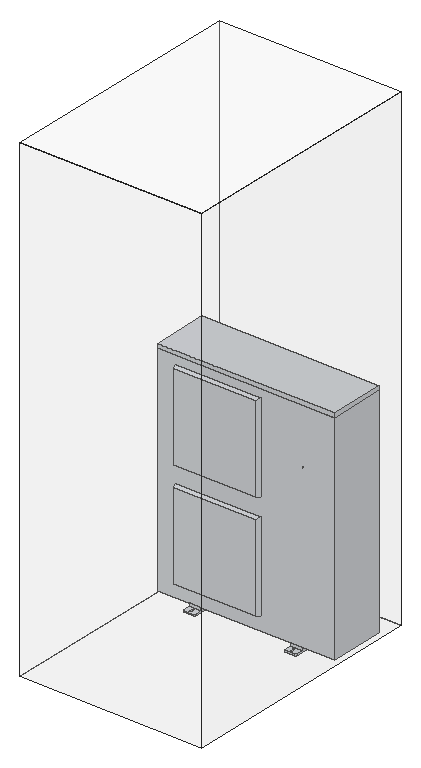
Revit family "pusy-fp80_280smh2_60hz", category 機械設備, Revit 2019 (continued)
Definition of nested family "PUZ-ZRMP-3"
  Dimensions and locks
    aligned and locked: Blend 4 sketch curve to plane 41
    aligned and locked: Blend 4 sketch curve to plane 40
    aligned and locked: Blend 4 sketch curve to plane 46
    aligned and locked: Blend 4 sketch curve to plane 44
    aligned and locked: Blend 4 sketch curve to plane 45
    aligned and locked: Blend 4 sketch curve to plane 47
    aligned and locked: Blend 4 to plane 8
    aligned and locked: plane 37 to Blend 4
    aligned and locked: curve 17 to plane 48
    aligned and locked: curve 1 to plane 48
    aligned and locked: plane 48 to curve 19
    aligned and locked: curve 18 to plane 49
    aligned and locked: plane 49 to curve 2
    aligned and locked: plane 49 to curve 20
    aligned and locked: Blend 5 sketch curve to plane 63
    aligned and locked: Blend 5 sketch curve to plane 64
    aligned and locked: Blend 5 sketch curve to plane 41
    aligned and locked: Blend 5 sketch curve to plane 40
    aligned and locked: plane 44 to Blend 5 sketch curve
    aligned and locked: Blend 5 sketch curve to plane 45
    aligned and locked: Blend 5 sketch curve to plane 65
    aligned and locked: plane 66 to Blend 5 sketch curve
    aligned and locked: Blend 5 to plane 8
    aligned and locked: plane 37 to Blend 5
    aligned and locked: plane 22 to Extrusion 6 sketch curve
    aligned and locked: plane 21 to Extrusion 6 sketch curve
    aligned and locked: Extrusion 6 sketch curve to Extrusion 1  (x4)
    aligned and locked: Extrusion 6 sketch curve to plane 20
    aligned and locked: plane 23 to Extrusion 6
    aligned and locked: Extrusion 6 to level
    aligned and locked: plane 24 to Extrusion 7
    aligned and locked: Extrusion 7 to plane 25
    aligned and locked: Masking region 1 sketch curve to Extrusion 3  (x4)
    aligned and locked: Masking region 1 sketch curve to cut or joined group of Extrusion 1, Extrusion 6  (x8)
    aligned and locked: Masking region 1 sketch curve to Blend 5  (x3)
    aligned and locked: plane 50 to Extrusion 7 sketch curve
    aligned and locked: plane 51 to Extrusion 7 sketch curve
    aligned and locked: plane 68 to Extrusion 7 sketch curve
    aligned and locked: plane 69 to Extrusion 7 sketch curve
    aligned and locked: plane 70 to Extrusion 7 sketch curve
    aligned and locked: plane 71 to Extrusion 7 sketch curve
    aligned and locked: plane 67 to Extrusion 7 sketch curve  (x4)
  Automatic sketch dimensions
    plane 7 to Extrusion 1 sketch curve = 0 mm  (x2)
    Extrusion 1 sketch curve to plane 18 = 0 mm
    plane 8 to Extrusion 1 sketch curve = 0 mm  (x2)
    Extrusion 1 sketch curve to plane 19 = 0 mm
    Extrusion 1 sketch curve to plane 20 = 0 mm
    Extrusion 1 sketch curve to plane 21 = 0 mm
    curve 187 to curve 188 = 40 mm
    curve 186 to curve 190 = 13.333 mm
    curve 190 to curve 190 = 40 mm
    curve 186 to curve 193 = 0 mm
    curve 186 to curve 188 = 40 mm
    curve 188 to curve 191 = 0 mm
    curve 179 to curve 180 = 40 mm
    curve 178 to curve 182 = 120 mm
    curve 182 to curve 182 = 40 mm
    curve 178 to curve 185 = 0 mm
    curve 178 to curve 180 = 40 mm
    curve 182 to curve 183 = 40 mm
    curve 25 to plane 44 = 0 mm
    curve 24 to plane 44 = 0 mm
    curve 22 to plane 44 = 0 mm
    curve 23 to plane 44 = 0 mm
    curve 26 to plane 44 = 0 mm
    curve 21 to plane 44 = 0 mm
    curve 24 to plane 45 = 0 mm
    curve 25 to plane 45 = 0 mm
    curve 26 to plane 45 = 0 mm
    curve 23 to plane 45 = 0 mm
    curve 22 to plane 45 = 0 mm
    curve 21 to plane 45 = 0 mm
    curve 37 to plane 47 = 0 mm
    curve 52 to plane 47 = 0 mm
    curve 51 to plane 47 = 0 mm
    curve 50 to plane 47 = 0 mm
    curve 49 to plane 47 = 0 mm
    curve 48 to plane 47 = 0 mm
    curve 47 to plane 47 = 0 mm
    curve 46 to plane 47 = 0 mm
    curve 45 to plane 47 = 0 mm
    curve 44 to plane 47 = 0 mm
    curve 43 to plane 47 = 0 mm
    curve 42 to plane 47 = 0 mm
    curve 41 to plane 47 = 0 mm
    curve 27 to plane 47 = 0 mm
    curve 28 to plane 47 = 0 mm
    curve 40 to plane 47 = 0 mm
    curve 39 to plane 47 = 0 mm
    curve 29 to plane 47 = 0 mm
    curve 38 to plane 47 = 0 mm
    curve 30 to plane 47 = 0 mm
    curve 53 to plane 47 = 0 mm
    curve 31 to plane 47 = 0 mm
    curve 36 to plane 47 = 0 mm
    curve 32 to plane 47 = 0 mm
    curve 35 to plane 47 = 0 mm
    curve 33 to plane 47 = 0 mm
    curve 34 to plane 47 = 0 mm
    curve 28 to plane 46 = 0 mm
    curve 41 to plane 46 = 0 mm
    curve 27 to plane 46 = 0 mm
    curve 42 to plane 46 = 0 mm
    curve 31 to plane 46 = 0 mm
    curve 40 to plane 46 = 0 mm
    curve 37 to plane 46 = 0 mm
    curve 39 to plane 46 = 0 mm
    curve 32 to plane 46 = 0 mm
    curve 45 to plane 46 = 0 mm
    curve 36 to plane 46 = 0 mm
    curve 46 to plane 46 = 0 mm
    curve 43 to plane 46 = 0 mm
    curve 47 to plane 46 = 0 mm
    curve 29 to plane 46 = 0 mm
    curve 48 to plane 46 = 0 mm
    curve 30 to plane 46 = 0 mm
    curve 49 to plane 46 = 0 mm
    curve 44 to plane 46 = 0 mm
    curve 50 to plane 46 = 0 mm
    curve 33 to plane 46 = 0 mm
    curve 51 to plane 46 = 0 mm
    curve 35 to plane 46 = 0 mm
    curve 52 to plane 46 = 0 mm
    curve 38 to plane 46 = 0 mm
    curve 53 to plane 46 = 0 mm
    curve 34 to plane 46 = 0 mm
    plane 13 to curve 304 = 138 mm
    curve 304 to plane 45 = 0 mm
    curve 307 to plane 44 = 0 mm
    curve 306 to plane 44 = 0 mm
    curve 303 to plane 44 = 0 mm
    curve 308 to plane 44 = 0 mm
    curve 303 to plane 45 = 0 mm
    curve 306 to plane 45 = 0 mm
    curve 307 to plane 45 = 0 mm
    curve 308 to plane 45 = 0 mm
    curve 309 to plane 44 = 0 mm
    curve 309 to plane 45 = 0 mm
    curve 305 to plane 66 = 0 mm
    curve 305 to plane 65 = 0 mm
    curve 310 to plane 66 = 0 mm
    curve 310 to plane 65 = 0 mm
    curve 311 to plane 65 = 0 mm
    curve 311 to plane 66 = 0 mm
    curve 312 to plane 66 = 0 mm
    curve 312 to plane 65 = 0 mm
    curve 313 to plane 66 = 0 mm
    curve 313 to plane 65 = 0 mm
    curve 314 to plane 65 = 0 mm
    curve 314 to plane 66 = 0 mm
    curve 315 to plane 66 = 0 mm
    curve 315 to plane 65 = 0 mm
    curve 316 to plane 65 = 0 mm
    curve 316 to plane 66 = 0 mm
    curve 317 to plane 66 = 0 mm
    curve 317 to plane 65 = 0 mm
    curve 318 to plane 66 = 0 mm
    curve 318 to plane 65 = 0 mm
    curve 319 to plane 66 = 0 mm
    curve 319 to plane 65 = 0 mm
    curve 320 to plane 66 = 0 mm
    curve 320 to plane 65 = 0 mm
    curve 321 to plane 66 = 0 mm
    curve 321 to plane 65 = 0 mm
    curve 322 to plane 65 = 0 mm
    curve 322 to plane 66 = 0 mm
    curve 323 to plane 65 = 0 mm
    curve 323 to plane 66 = 0 mm
    curve 324 to plane 65 = 0 mm
    curve 324 to plane 66 = 0 mm
    curve 325 to plane 66 = 0 mm
    curve 325 to plane 65 = 0 mm
    curve 326 to plane 66 = 0 mm
    curve 326 to plane 65 = 0 mm
    curve 327 to plane 66 = 0 mm
    curve 327 to plane 65 = 0 mm
    curve 328 to plane 66 = 0 mm
    curve 328 to plane 65 = 0 mm
    curve 329 to plane 66 = 0 mm
    curve 329 to plane 65 = 0 mm
    curve 330 to plane 66 = 0 mm
    curve 330 to plane 65 = 0 mm
    curve 331 to plane 66 = 0 mm
    curve 331 to plane 65 = 0 mm
    curve 332 to plane 65 = 0 mm
    curve 332 to plane 66 = 0 mm
    curve 333 to plane 66 = 0 mm
    curve 333 to plane 65 = 0 mm
    curve 334 to plane 65 = 0 mm
    curve 334 to plane 66 = 0 mm
    curve 335 to plane 66 = 0 mm
    curve 335 to plane 65 = 0 mm
    Extrusion 6 sketch curve to plane 18 = 0 mm  (x2)
    plane 8 to Extrusion 6 sketch curve = 0 mm
    plane 22 to Extrusion 6 sketch curve = 0 mm  (x3)
    plane 16 to Extrusion 6 sketch curve = 0 mm  (x3)
    plane 17 to Extrusion 6 sketch curve = 0 mm  (x3)
    Extrusion 6 sketch curve to plane 15 = 0 mm  (x2)
    Extrusion 6 sketch curve to plane 19 = 0 mm  (x2)
    Extrusion 6 sketch curve to plane 14 = 0 mm  (x2)
    plane 7 to Extrusion 6 sketch curve = 0 mm
    Extrusion 6 sketch curve to plane 18 = 5 mm
    plane 15 to Extrusion 6 sketch curve = 6 mm  (x2)
    plane 19 to Extrusion 6 sketch curve = 5 mm
    Extrusion 6 sketch curve to plane 20 = 5 mm
    plane 14 to Extrusion 6 sketch curve = 6 mm  (x2)
    plane 21 to Extrusion 6 sketch curve = 5 mm
    plane 37 to Extrusion 6 sketch curve = 10 mm  (x2)
    plane 19 to Masking region 1 sketch curve = 0 mm
    plane 21 to Masking region 1 sketch curve = 0 mm
    plane 7 to Masking region 1 sketch curve = 0 mm  (x2)
    Masking region 1 sketch curve to plane 20 = 0 mm
    Masking region 1 sketch curve to plane 18 = 0 mm
    plane 8 to Masking region 1 sketch curve = 0 mm  (x2)
    plane 37 to Masking region 1 sketch curve = 0 mm
    curve 352 to plane 6 = 0 mm
    plane 7 to curve 352 = 0 mm
    curve 353 to plane 18 = 0 mm
    curve 348 to plane 18 = 0 mm
    plane 8 to curve 346 = 0 mm
    curve 354 to plane 19 = 0 mm
    curve 347 to plane 19 = 0 mm
    curve 345 to plane 40 = 0 mm
    plane 37 to curve 344 = 0 mm
    curve 344 to plane 45 = 0 mm
    curve 357 to plane 20 = 0 mm
    curve 343 to plane 20 = 0 mm
    curve 358 to plane 21 = 0 mm
    curve 341 to plane 21 = 0 mm
    curve 339 to plane 44 = 0 mm
    curve 339 to plane 41 = 0 mm
    curve 337 to plane 5 = 0 mm
    plane 22 to curve 354 = 0 mm
    plane 22 to curve 358 = 0 mm
    plane 18 to curve 352 = 28.157 mm
    plane 15 to curve 346 = 0.043 mm
    plane 21 to curve 338 = 11.963 mm
    curve 336 to plane 21 = 9.073 mm
    curve 344 to plane 21 = 22.105 mm
    plane 27 to curve 3 = 5 mm
    curve 3 to plane 44 = 38 mm
    curve 1 to plane 44 = 38 mm
    curve 3 to curve 5 = 0 mm
    curve 4 to plane 28 = 5 mm
    curve 2 to curve 16 = 15 mm
    plane 50 to curve 15 = 5 mm
    curve 341 to curve 342 = 23 mm
    plane 37 to curve 347 = 23 mm
    plane 37 to Extrusion 6 sketch curve = 18 mm  (x2)
    curve 20 to curve 14 = 17.5 mm
    curve 20 to plane 6 = 46 mm
    curve 12 to curve 6 = 0 mm
    curve 372 to curve 5 = 0 mm
    curve 11 to plane 6 = 78.5 mm
Definition of nested family "固定点"
  Parameters (values of type "固定点")
    中心円 = if(W > 599 mm, 12 mm, 10 mm)  # 12 mm
    W = 1000 mm
    D = 1000 mm
  Reference planes
    plane 1 "中心(正面/背面)": y = 0
    plane 2: z = 0
    plane 3 "中心(左/右)": x = 0
    plane 4: x = 1000
    plane 5: y = 1000
  Lines and regions (mm)
    symbolic lines, detail levels fine
      curve 1: circle (0, 1000, 0) r 6 normal (0, 0, 1)
      curve 2: circle (0, 0, 0) r 6 normal (0, 0, 1)
      curve 3: circle (1000, 1000, 0) r 6 normal (0, 0, 1)
      curve 4: circle (1000, 0, 0) r 6 normal (0, 0, 1)
      curve 5: line (-200, 1000, 0) -> (1200, 1000, 0)
      curve 6: line (-200, 0, 0) -> (1200, 0, 0)
      curve 7: line (0, 1200, 0) -> (0, -200, 0)
      curve 8: line (1000, 1200, 0) -> (1000, -200, 0)
  Dimensions and locks
    "W": plane 3 "中心(左/右)" to plane 4
    "D": plane 1 "中心(正面/背面)" to plane 5
    "中心円": diameter of curve 1
    "中心円": diameter of curve 2
    "中心円": diameter of curve 3
    "中心円": diameter of curve 4
    aligned and locked: level to plane 2
    aligned and locked: plane 5 to curve 1
    aligned and locked: plane 3 "中心(左/右)" to curve 1
    aligned and locked: plane 3 "中心(左/右)" to curve 2
    aligned and locked: plane 1 "中心(正面/背面)" to curve 2
    aligned and locked: plane 4 to curve 3
    aligned and locked: plane 5 to curve 3
    aligned and locked: plane 1 "中心(正面/背面)" to curve 4
    aligned and locked: plane 4 to curve 4
    aligned and locked: plane 1 "中心(正面/背面)" to curve 6
    aligned and locked: curve 7 to plane 3 "中心(左/右)"
    aligned and locked: curve 8 to plane 4
  Automatic sketch dimensions
    curve 5 to plane 5 = 0 mm
    curve 6 to plane 3 "中心(左/右)" = 200 mm
    curve 5 to plane 3 "中心(左/右)" = 200 mm
    curve 4 to curve 6 = 200 mm
    curve 3 to curve 5 = 200 mm
    plane 1 "中心(正面/背面)" to curve 8 = 200 mm
    plane 1 "中心(正面/背面)" to curve 7 = 200 mm
    curve 3 to curve 8 = 200 mm
    curve 1 to curve 7 = 200 mm
Types (9, lengths in mm): name | 音響パワーレベル（冷）(dB) | 音響パワーレベル(dB) | 電源位置Z | 電動機出力_送風機 | 電動機出力_圧縮機 | 質量 | 製品質量 | 相 | 消費電力_暖房 | 消費電力_冷房 | 消費電力 | 構成品番 | 極数 | 最小電線太さ_mm2 | 最大電流値 | 暖房能力 | 推奨ブレーカー容量 | 冷媒管（液）位置Z | 冷媒管位置Z_上面 | 冷媒管（ガス）位置Z | 冷媒ガス管_半径 | 冷房能力 | 冷媒管径符号 | 冷媒管位置Z | 冷媒ガス管径 | URL
  室外機_PUSY-FP112MH2(-BS,BSG) | 70 | 70 | 1062 | 0.12 kW | 2.35 kW | 146.40 kg | 122.00 kg | 3 | 2.81 kW | 2.42 kW | 2.81 kW | "PUSY-FP112MH2 (-BS,-BSG)" | 3 | 3.5 | 17.5 A | 11.2 kW | 30 A | 485 | 565 | 420 | 7.94 | 10 kW | "Bd" | 420 | 15.88 | "https://www.mitsubishielectric.co.jp/ldg/wink/ssl/displayProduct.do?pid=321169"
  室外機_PUSY-FP140MH2(-BS,BSG) | 73 | 73 | 1062 | 0.12 kW | 3.05 kW | 146.40 kg | 122.00 kg | 3 | 3.66 kW | 3.34 kW | 3.66 kW | "PUSY-FP140MH2 (-BS,-BSG)" | 3 | 5.5 | 24.5 A | 14 kW | 30 A | 485 | 565 | 420 | 7.94 | 12.5 kW | "Bd" | 420 | 15.88 | "https://www.mitsubishielectric.co.jp/ldg/wink/ssl/displayProduct.do?pid=321172"
  室外機_PUSY-FP160MH2(-BS,BSG) | 74 | 74 | 1062 | 0.12 kW | 3.52 kW | 146.40 kg | 122.00 kg | 3 | 4.07 kW | 3.57 kW | 4.07 kW | "PUSY-FP160MH2 (-BS,-BSG)" | 3 | 5.5 | 25 A | 16 kW | 30 A | 485 | 565 | 420 | 7.94 | 14 kW | "Bd" | 422 | 15.88 | "https://www.mitsubishielectric.co.jp/ldg/wink/ssl/displayProduct.do?pid=321175"
  室外機_PUSY-FP224MH2(-BS,BSG) | 80 | 80 | 1051 | 0.3 kW | 4.39 kW | 166.80 kg | 139.00 kg | 3 | 4.93 kW | 5.64 kW | 5.64 kW | "PUSY-FP224MH2 (-BS,-BSG)" | 3 | 8 | 36 A | 22.4 kW | 40 A | 450 | 530 | 293 | 12.7 | 20 kW | "Bg" | 293 | 25.40 | "https://www.mitsubishielectric.co.jp/ldg/wink/ssl/displayProduct.do?pid=321178"
  室外機_PUSY-FP80SMH2(-BS,BSG) | 70 | 70 | 985 | 0.12 kW | 1.7 kW | 147.60 kg | 123.00 kg | 1 | 1.68 kW | 1.48 kW | 1.68 kW | "PUSY-FP80SMH2 (-BS,-BSG)" | 1 | 5.5 | 27.5 A | 8 kW | 30 A | 485 | 565 | 420 | 7.94 | 7.1 kW | "Bd" | 420 | 15.88 | "https://www.mitsubishielectric.co.jp/ldg/wink/ssl/displayProduct.do?pid=321184"
  室外機_PUSY-FP80MH2(-BS,BSG) | 70 | 70 | 1062 | 0.12 kW | 1.7 kW | 146.40 kg | 122.00 kg | 3 | 1.66 kW | 1.47 kW | 1.66 kW | "PUSY-FP80MH2 (-BS,-BSG)" | 3 | 3.5 | 17.5 A | 8 kW | 30 A | 485 | 565 | 420 | 7.94 | 7.1 kW | "Bd" | 420 | 15.88 | "https://www.mitsubishielectric.co.jp/ldg/wink/ssl/displayProduct.do?pid=321167"
  室外機_PUSY-FP280MH2(-BS,BSG) | 82 | 82 | 1051 | 0.4 kW | 6.19 kW | 166.80 kg | 139.00 kg | 3 | 7.18 kW | 9.45 kW | 9.45 kW | "PUSY-FP280MH2 (-BS,-BSG)" | 3 | 14 | 39 A | 28 kW | 50 A | 450 | 530 | 293 | 12.7 | 25 kW | "Bg" | 293 | 25.40 | "https://www.mitsubishielectric.co.jp/ldg/wink/ssl/displayProduct.do?pid=321181"
  室外機_PUSY-FP112SMH2(-BS,BSG) | 70 | 70 | 985 | 0.12 kW | 2.35 kW | 147.60 kg | 123.00 kg | 1 | 2.87 kW | 2.47 kW | 2.87 kW | "PUSY-FP112SMH2 (-BS,-BSG)" | 1 | 5.5 | 27.5 A | 11.2 kW | 30 A | 485 | 565 | 420 | 7.94 | 10 kW | "Bd" | 420 | 15.88 | "https://www.mitsubishielectric.co.jp/ldg/wink/ssl/displayProduct.do?pid=321187"
  室外機_PUSY-FP140SMH2(-BS,BSG) | 73 | 73 | 985 | 0.12 kW | 3.05 kW | 147.60 kg | 123.00 kg | 1 | 3.8 kW | 3.47 kW | 3.8 kW | "PUSY-FP140SMH2 (-BS,-BSG)" | 1 | 5.5 | 28.5 A | 14 kW | 30 A | 485 | 565 | 420 | 7.94 | 12.5 kW | "Bd" | 420 | 15.88 | "https://www.mitsubishielectric.co.jp/ldg/wink/ssl/displayProduct.do?pid=321190"
